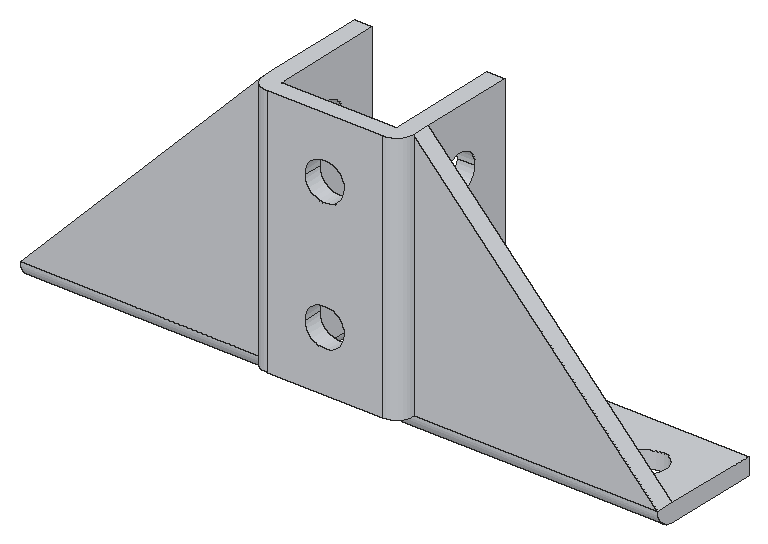
Revit family "Fitting-Wing_Shape-Unistrut-P2348", category Specialty Equipment, Revit 2012
Parameters (values of type "P2348")
  ecoScorecard_data = "http://products.ecoscorecard.com/atkore/P2348"
  ecoScorecard Product Page = "http://products.ecoscorecard.com/atkore/P2348?action=html"
  Weight Per Piece = 2.74 lbf
  Unit = none
  Unistrut Part Number = "P2348"  # constant formula
  URL = "http://unistrut.us/index.php"
  Thickness = 1/4"  # constant formula
  Subcategory = "Wing Shape Fittings"  # constant formula
  Product Page URL = "http://unistrut.us/index.php?WP=cat_detail&S=S05&P=P2348"
  Power Strut Part Number = "PS 945"  # constant formula
  Part Type = "Fitting"  # constant formula
  Overall Width = 9 5/32"  # constant formula
  Overall Length = 1 5/8"  # constant formula
  Overall Height = 3 7/8"  # constant formula
  Model = "P2348"
  Material = ""
  Manufacturer Phone - Toll Free = "800-882-5543"  # constant formula
  Manufacturer Phone = "708-339-1610"  # constant formula
  Manufacturer Fax = "708-339-7814"  # constant formula
  Manufacturer Email = "mailto:jshaw@atkore.com"
  Manufacturer Address = "16100 South Lathrop Avenue, Harvey, IL 60426"  # constant formula
  Manufacturer = "Unistrut by Atkore International"  # constant formula
  Load Capacity Note = "Visit the product page for load application and capacity."  # constant formula
  Literature URL = "http://unistrut.us/index.php?WP=LItLibrary"
  Hole Diameter = 9/16"
  Cost Info = "mailto:jshaw@atkore.com"
  CAD URL = "http://unistrut.us/index.php?WP=CAD3d"
  Assembly Code = "D5020100"
  95 CSI = "16070"  # constant formula
  04 CSI = "26 05 48"  # constant formula
Reference planes (in)
  plane 1 "Center (Front/Back)": y = 0
  plane 2: z = 0
  plane 3 "Center (Left/Right)": x = 0
  plane 4: z = 3.875
  plane 5: x = -4.578125
  plane 6: y = 0.8125
  plane 7: x = 4.578125
  plane 8: y = -0.8125
  plane 9: z = 0.25
  plane 10: x = 3.765625
  plane 11: x = 1.859375
  plane 12: x = -1.859375
  plane 13: x = -3.765625
  plane 14: z = 3
  plane 15: z = 1.125
Dimensions and locks (in)
  "Overall Height": plane 4 to plane 2
  equal spacing: plane 6, plane 1 "Center (Front/Back)", plane 8
  "Overall Length": plane 6 to plane 8
  equal spacing: plane 5, plane 3 "Center (Left/Right)", plane 7
  "Overall Width": plane 5 to plane 7
  "Thickness": plane 9 to plane 2
  aligned and locked: level to plane 2
  aligned and locked: level to nested 1
  aligned and locked: nested 1 to plane 3 "Center (Left/Right)"
  aligned and locked: nested 1 to plane 1 "Center (Front/Back)"
Nested families (in)
  nested 1: "2348" at (0, -0.9375, 3.875) x (1, 0, 0) z (0, 0, -1), type "2348"
Definition of nested family "2348"
  Parameters (values of type "P2348")
    Width = 9 5/32"
    Unit = none
    Thickness = 1/4"
    Height = 3 7/8"
    Radiuis = Diameter / 2  # 9/32"
    Length = 1 5/8"
    Diameter = 9/16"
    Default Elevation = 0"
    Bolt Length [instance] = 1 1/2"
  Reference planes (in)
    plane 1 "Center (Front/Back)": y = 0
    plane 2: z = 0
    plane 3 "Center (Left/Right)": x = 0
    plane 4: z = 3.875
    plane 5: y = 1.75
    plane 6: x = 4.578125
    plane 7: y = 0.125
    plane 8: x = 0.828125
    plane 9: x = -0.828125
    plane 10: z = 3.625
    plane 11: z = 0.875
    plane 12: y = 0.9375
    plane 13: y = 0.375
    plane 14: x = 0.796875
    plane 15: x = 0.546875
    plane 16: x = -4.578125
  Forms (in)
    Extrusion 1, solid, material <- "Unit"
      sketch origin (0, 0, 0) x (1, 0, 0) y (0, 1, 0)
        loop
          line (0.828125, 1.75) -> (0.828125, 0.125) -> (-0.828125, 0.125) -> (-0.828125, 1.75) -> (-1.078125, 1.75) -> (-1.078125, 0.125)
          arc (-1.078125, 0.125) -> (-1.0049017, -0.0517767) -> (-0.828125, -0.125) r 0.25
          line (-0.828125, -0.125) -> (0.828125, -0.125)
          arc (0.828125, -0.125) -> (1.0049017, -0.0517767) -> (1.078125, 0.125) r 0.25
          line (1.078125, 0.125) -> (1.078125, 1.75) -> (0.828125, 1.75)
      from 0 to 3.625
    Extrusion 2, solid, material <- "Unit"
      sketch origin (0, 0, 0) x (1, 0, 0) y (0, 0, 1)
        loop
          line (4.578125, 3.875) -> (0.9898983, 3.875)
          arc (0.9898983, 3.875) -> (0.8755073, 3.8276177) -> (0.828125, 3.7132267) r 0.1617733
          line (0.828125, 3.7132267) -> (0.828125, 3.625) -> (4.578125, 3.625) -> (4.578125, 3.875)
      from -1.75 to -0.375
    Extrusion 3, solid, material <- "Unit"
      sketch origin (0, 0, 0) x (1, 0, 0) y (0, 0, 1)
        loop
          line (1.078125, 3.625) -> (1.078125, 0) -> (4.578125, 3.625) -> (1.078125, 3.625)
      from -0.375 to -0.125
    Extrusion 4, solid, material <- "Unit"
      sketch origin (4.578125, 0, 3.875) x (0, 0, -1) y (0, 1, 0)
        loop
          line (0.25, 0.125) -> (0.25, 0.375) -> (0, 0.375)
          arc (0, 0.375) -> (0.0732233, 0.1982233) -> (0.25, 0.125) r 0.25
      from -3.75 to 0
    Extrusion 5, void
      sketch origin (4.578125, 0.375, 3.875) x (0, 0, 1) y (-1, 0, 0)
        loop
          line (0, 3.5882267) -> (0, 3.75) -> (-0.1617733, 3.75)
          arc (-0.1617733, 3.75) -> (-0.0473823, 3.7026177) -> (0, 3.5882267) r 0.1617733
      from -1.375 to 0.25
    Extrusion 6, void
      sketch origin (0, 0, 0) x (1, 0, 0) y (0, 0, 1)
        loop
          circle (0, 0.875) r 0.28125
        loop
          circle (0, 2.75) r 0.28125
      from -0.125 to 0.125
    Extrusion 7, void
      sketch origin (0, 0, 0) x (1, 0, 0) y (0, 1, 0)
        loop
          circle (3.765625, 0.9375) r 0.28125
        loop
          circle (1.859375, 0.9375) r 0.28125
        loop
          circle (-3.765625, 0.9375) r 0.28125
        loop
          circle (-1.859375, 0.9375) r 0.28125
      from 3.625 to 3.875
    Extrusion 8, void
      sketch origin (0, 0, 0) x (0, 1, 0) y (0, 0, 1)
        loop
          circle (0.9375, 0.875) r 0.28125
        loop
          circle (0.9375, 2.75) r 0.28125
      from -1.078125 to 1.078125
    Extrusion 9, solid, material <- "Unit"
      sketch origin (0, 0, 0) x (-1, 0, 0) y (0, 0, -1)
        loop
          line (4.578125, -3.875) -> (4.578125, -3.625) -> (0.828125, -3.625) -> (0.828125, -3.7132267)
          arc (0.828125, -3.7132267) -> (0.8755073, -3.8276177) -> (0.9898983, -3.875) r 0.1617733
          line (0.9898983, -3.875) -> (4.578125, -3.875)
      from -1.75 to -0.375
    Extrusion 10, solid, material <- "Unit"
      sketch origin (-4.578125, 0, 3.875) x (0, 0, -1) y (0, -1, 0)
        loop
          arc (0.25, -0.125) -> (0.0732233, -0.1982233) -> (0, -0.375) r 0.25
          line (0, -0.375) -> (0.25, -0.375) -> (0.25, -0.125)
      from -3.75 to 0
    Extrusion 11, void
      sketch origin (-4.578125, 0.375, 3.875) x (0, 0, 1) y (-1, 0, 0)
        loop
          arc (0, -3.5882267) -> (-0.0473823, -3.7026177) -> (-0.1617733, -3.75) r 0.1617733
          line (-0.1617733, -3.75) -> (0, -3.75) -> (0, -3.5882267)
      from -1.375 to 0.25
    Extrusion 12, solid, material <- "Unit"
      sketch origin (0, 0, 0) x (-1, 0, 0) y (0, 0, -1)
        loop
          line (1.078125, -3.625) -> (4.578125, -3.625) -> (1.078125, 0) -> (1.078125, -3.625)
      from -0.375 to -0.125
  Cuts and joins
    Extrusion 6, Extrusion 7, Extrusion 8, Extrusion 11 cuts Extrusion 1
    Extrusion 6, Extrusion 7, Extrusion 8, Extrusion 11 cuts Extrusion 2
    Extrusion 6, Extrusion 7, Extrusion 8, Extrusion 11 cuts Extrusion 3
    Extrusion 5, Extrusion 6, Extrusion 7, Extrusion 8, Extrusion 11 cuts Extrusion 4
    Extrusion 7 cuts Extrusion 9
    Extrusion 11 cuts Extrusion 10
    joined: Extrusion 1, Extrusion 2, Extrusion 3, Extrusion 4, Extrusion 9, Extrusion 10, Extrusion 12
  Dimensions and locks (in)
    "Height": plane 4 to plane 2
    equal spacing: plane 9, plane 3 "Center (Left/Right)", plane 8
    plane 9 to plane 8 = 1 21/32"
    "Thickness": plane 4 to plane 10
    locked: plane 13 to plane 7 at 0.25
    locked: plane 9 to plane 14 at 1.625
    locked: plane 15 to plane 14 at 0.25
    "Width": plane 16 to plane 6
    equal spacing: plane 16, plane 3 "Center (Left/Right)", plane 6
    locked: Extrusion 1 sketch curve to plane 9 at 0.25
    "Length": plane 5 to plane 7
    "Radiuis": radius of Extrusion 6 sketch curve  (x2)
    "Radiuis": radius of Extrusion 7 sketch curve  (x4)
    "Radiuis": radius of Extrusion 8 sketch curve  (x2)
    aligned and locked: level to plane 2
    aligned and locked: Extrusion 1 sketch curve to plane 8
    aligned and locked: Extrusion 1 sketch curve to plane 7
    aligned and locked: Extrusion 1 sketch curve to plane 5
    aligned and locked: plane 10 to Extrusion 1
    aligned and locked: Extrusion 1 to plane 2
    aligned and locked: plane 6 to Extrusion 2 sketch curve
    aligned and locked: Extrusion 2 sketch curve to plane 4
    aligned and locked: Extrusion 2 sketch curve to plane 10
    aligned and locked: Extrusion 2 sketch curve to plane 8
    aligned and locked: plane 5 to Extrusion 2
    aligned and locked: Extrusion 3 sketch curve to plane 10
    aligned and locked: Extrusion 3 sketch curve to Extrusion 1
    aligned and locked: Extrusion 3 to plane 13
    aligned and locked: Extrusion 3 to plane 7
    aligned and locked: Extrusion 4 sketch curve to Extrusion 3
    aligned and locked: Extrusion 5 to Extrusion 1
    aligned and locked: Extrusion 1 to Extrusion 5
    aligned and locked: plane 3 "Center (Left/Right)" to Extrusion 6 sketch curve  (x2)
    aligned and locked: Extrusion 1 to Extrusion 6  (x2)
    aligned and locked: plane 12 to Extrusion 7 sketch curve  (x4)
    aligned and locked: plane 12 to Extrusion 8 sketch curve  (x2)
    aligned and locked: Extrusion 1 to Extrusion 8  (x2)
    aligned and locked: cut or joined group 1 (Extrusion 1, Extrusion 2, Extrusion 3, Extrusion 4, Extrusion 5, Extrusion 6, Extrusion 7, Extrusion 8, Extrusion 9, Extrusion 10, Extrusion 11, Extrusion 12) to cut or joined group 1
    aligned and locked: Extrusion 9 to plane 16
    aligned and locked: plane 5 to Extrusion 9
    aligned and locked: plane 9 to Extrusion 10
    aligned and locked: Extrusion 10 to plane 16
    aligned and locked: Extrusion 11 to Extrusion 1
    aligned and locked: Extrusion 1 to Extrusion 11
    aligned and locked: Extrusion 12 to plane 7
    aligned and locked: Extrusion 12 to plane 13
    aligned and locked: Extrusion 1 sketch curve to plane 9
    aligned and locked: Extrusion 9 to plane 13
    aligned and locked: Extrusion 7 to Extrusion 1
    aligned and locked: Extrusion 7 to Extrusion 2
  Automatic sketch dimensions
    plane 8 to Extrusion 2 sketch curve = 0.16177"
    Extrusion 6 sketch curve to plane 11 = 0"
    Extrusion 6 sketch curve to plane 10 = 7/8"
    Extrusion 8 sketch curve to plane 11 = 0"
    Extrusion 8 sketch curve to plane 10 = 7/8"
    Extrusion 9 sketch curve to plane 9 = 0"
    Extrusion 9 sketch curve to plane 4 = 0"
    Extrusion 9 sketch curve to plane 10 = 0"
    Extrusion 9 sketch curve to plane 16 = 0"
    plane 9 to Extrusion 9 sketch curve = 0.16177"
    Extrusion 10 sketch curve to plane 4 = 0"
    Extrusion 10 sketch curve to plane 7 = 0"
    Extrusion 10 sketch curve to plane 10 = 0"
    Extrusion 12 sketch curve to level = 0"
    Extrusion 12 sketch curve to plane 10 = 0"
    Extrusion 12 sketch curve to plane 16 = 0"
    plane 9 to Extrusion 12 sketch curve = 1/4"
    Extrusion 1 sketch curve to plane 7 = 0"  (x2)
    Extrusion 1 sketch curve to plane 5 = 0"
    Extrusion 1 sketch curve to plane 8 = 0"
    plane 6 to Extrusion 3 sketch curve = 0"
    Extrusion 3 sketch curve to level = 0"
    Extrusion 4 sketch curve to Extrusion 2 = 0"  (x2)
    Extrusion 4 to Extrusion 5 sketch curve = 0"  (x2)
    Extrusion 5 sketch curve to Extrusion 4 = 0"  (x2)
    Extrusion 5 sketch curve to Extrusion 4 = 0.08823"
    Extrusion 5 sketch curve to Extrusion 5 sketch curve = 0"  (x2)
    Extrusion 11 sketch curve to Extrusion 4 = 0"  (x2)
    Extrusion 11 sketch curve to Extrusion 4 = 0.08823"
    Extrusion 11 sketch curve to Extrusion 11 sketch curve = 0"  (x3)
    Extrusion 4 to Extrusion 11 sketch curve = 1 21/32"
    Extrusion 1 sketch curve to plane 9 = 0"
    plane 16 to Extrusion 7 sketch curve = 13/16"
    Extrusion 7 sketch curve to plane 9 = 1 1/32"
    plane 8 to Extrusion 7 sketch curve = 1 1/32"
    plane 6 to Extrusion 7 sketch curve = 13/16"
